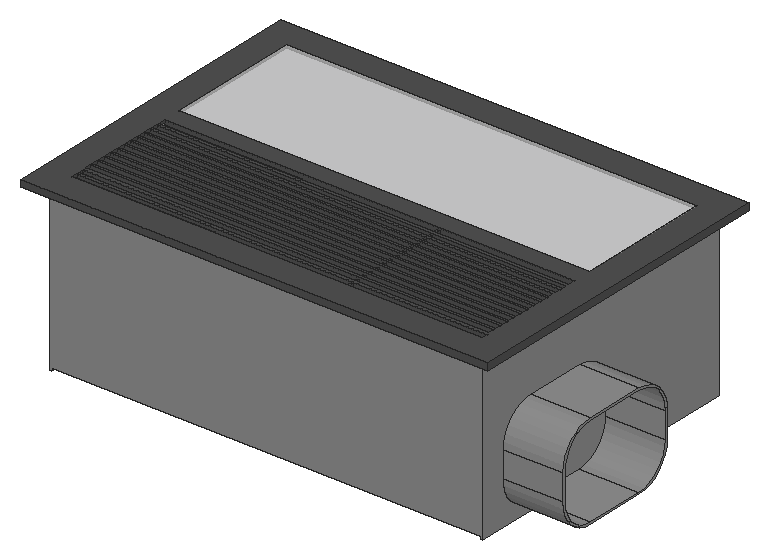
Revit family "Reece_Accessory_Kado_Lux_3 in 1 Heater, Exhaust Fan and LED", category Mechanical Equipment, host Face, Revit 2018
Family settings
  Host = Face
  Round Connector Dimension = Use Diameter
  Classification = None
  Part Type = Normal
  Cut with Voids When Loaded = No
  Shared = Yes
  Room Calculation Point = Yes
Parameters (values of type "540 mm x 198 mm_Matte Black")
  URL = "https://www.reece.com.au/product/-2053939"
  Type Comments = "Accessory"
  Reece_Product_Web Page = "https://www.reece.com.au/product/-2053939"
  Reece_Product_Type = "Accessory"  # constant formula
  Reece_Product_Sub Brand = "Lux"  # constant formula
  Reece_Product_Number = "2053939"
  Reece_Product_Mount = "Ceiling Mounted"
  Reece_Product_Description = "Kado Lux 3 in 1 Fan Heater (LED) Matte Black"
  Reece_Product_Brand = "Kado"  # constant formula
  Reece_Overall_Width = 540 mm  # constant formula
  Reece_Overall_Length = 376 mm  # constant formula
  Reece_Mechanical_Max Airflow = 380 m³/h  # constant formula
  Reece_Mechanical_Duct_Diameter = 150 mm  # constant formula
  Reece_Material_Secondary = Reece_Metal_Galvanised
  Reece_Material_Colour = Reece_Plastic_Frosted
  Reece_Material_Base = Reece_Plastic_White
  Reece_Material-Main = Reece_Plastic_Black
  Reece_Installation_Minimum Depth = 192 mm  # constant formula
  Reece_Equipment_Weight = 7.60 kg  # constant formula
  Reece_Electrical_Voltage_Min = 220 V  # constant formula
  Reece_Electrical_Voltage_Max = 240 V  # constant formula
  Reece_Electrical_Voltage = 240 V  # constant formula
  Reece_Electrical_LED Light_Wattage = 20 W  # constant formula
  Reece_Electrical_IP Rating = "IPX2"  # constant formula
  Reece_Electrical_Heat_Wattage_Min = 1100 W  # constant formula
  Reece_Electrical_Heat_Wattage_Max = 2000 W  # constant formula
  Reece_Electrical_Heat_Wattage = 2000 W  # constant formula
  Reece_Electrical_Heat_Fan Power_Wattage = 40 W  # constant formula
  Reece_Electrical_Frequency = 50 Hz  # constant formula
  Reece_Electrical_Fan Power_Wattage = 55 W  # constant formula
  Reece_Detail_Note = "Electrical input required. Refer to web page for further details."  # constant formula
  Reece_Detail_Installation = "3 in 1 Heater, Exhaust Fan and LED"  # constant formula
  Reece_Detail_Disclaimer = "THIS FILE IS THE PROPERTY OF THE REECE GROUP. IT MAY NOT BE REPRODUCED, REVERSE-ENGINEERED OR MODIFIED. ANY REPUBLICATION, TRANSMISSION OR DISTRIBUTION FOR THE PURPOSE OF COMMERCIALLY EXPLOITING THE FILES IS PROHIBITED."  # constant formula
  Reece_Detail_Connector = "Hardwired"  # constant formula
  Reece_Ceiling_Cutout_Width = 528 mm  # constant formula
  Reece_Ceiling_Cutout_Length = 345 mm  # constant formula
  Model = "Lux"
  Manufacturer = "Kado"
  Keynote = "Product #2053939, Reece_Accessory_Kado_Lux_3 in 1 Heater, Exhaust Fan and LED - 540 mm x 198 mm_Matte Black"
  Disclaimer = "THIS FILE IS THE PROPERTY OF THE REECE GROUP. IT MAY NOT BE REPRODUCED, REVERSE-ENGINEERED OR MODIFIED. ANY REPUBLICATION, TRANSMISSION OR DISTRIBUTION FOR THE PURPOSE OF COMMERCIALLY EXPLOITING THE FILES IS PROHIBITED."  # constant formula
  Description = "Kado Lux 3 in 1 Fan Heater (LED) Matte Black"
  Default Elevation = 0 mm
Types (3, lengths in mm): name | URL | Reece_Product_Web Page | Reece_Product_Number | Reece_Product_Description | Reece_Material-Main | Keynote | Description
  (no name) | "https://www.reece.com.au/product/-2053939" | "https://www.reece.com.au/product/-2053939" | "2053939" | "Kado Lux 3 in 1 Fan Heater (LED) Matte Black" | Reece_Plastic_Black | "Product #2053939, Reece_Accessory_Kado_Lux_3 in 1 Heater, Exhaust Fan and LED -  " | "Kado Lux 3 in 1 Fan Heater (LED) Matte Black"
  540 mm x 198 mm_Matte Black | "https://www.reece.com.au/product/-2053939" | "https://www.reece.com.au/product/-2053939" | "2053939" | "Kado Lux 3 in 1 Fan Heater (LED) Matte Black" | Reece_Plastic_Black | "Product #2053939, Reece_Accessory_Kado_Lux_3 in 1 Heater, Exhaust Fan and LED - 540 mm x 198 mm_Matte Black" | "Kado Lux 3 in 1 Fan Heater (LED) Matte Black"
  540 mm x 198 mm_Matte White | "https://www.reece.com.au/product/-2053938" | "https://www.reece.com.au/product/-2053938" | "2053938" | "Kado Lux 3 in 1 Fan Heater (LED) White" | Reece_Plastic_White | "Product #2053938, Reece_Accessory_Kado_Lux_3 in 1 Heater, Exhaust Fan and LED - 540 mm x 198 mm_Matte White" | "Kado Lux 3 in 1 Fan Heater (LED) White"
Reference planes
  plane 1 "Center (Front/Back)": y = -71.125
  plane 2 "Ceiling": z = 0
  plane 3 "Center (Left/Right)": x = -5
  plane 4: y = 116.875
  plane 5: x = 265
  plane 6: x = -275
  plane 7: y = -259.125
  plane 8: z = -192
  plane 9 "Light Source": z = 8
  plane 10: z = -190
  plane 11: y = 101.375
  plane 12: y = -243.625
  plane 13: x = 259
  plane 14: x = -269
Forms (mm)
  Sweep 1, solid, material "Reece_Plastic_Black" <- "Reece_Material-Main"
    path origin (0, 0, 8) x (1, 0, 0) y (0, 1, 0)
      loop
        line (-275, 116.875) -> (-275, -259.125) -> (265, -259.125) -> (265, 116.875) -> (-275, 116.875)
    profile origin (-275, -71.125, 8) x (1, 0, 0) y (0, 0, 1)
      loop
        line (0, -8) -> (3, -8) -> (3, -3) -> (33, -3) -> (33, 0) -> (0, 0) -> (0, -8)
  Extrusion 2, void
    sketch origin (0, 0, 0) x (1, 0, 0) y (0, 1, 0)
      loop
        line (-269, 101.375) -> (-269, -243.625) -> (259, -243.625) -> (259, 101.375) -> (-269, 101.375)
    from 0 to -192
  Extrusion 3, solid, material "Reece_Plastic_Black" <- "Reece_Material-Main"
    sketch origin (-5, 0.442, 8) x (0, 1, 0) y (0, 0, 1)
      loop
        line (-71.567, 0) -> (-92.567, 0) -> (-92.567, -8) -> (-71.567, -8) -> (-71.567, 0)
    from 237 to -237
  Extrusion 4, solid, material "Reece_Plastic_Black" <- "Reece_Material-Main"
    sketch origin (-5, -29.567, 8) x (0, 1, 0) y (0, 0, 1)
      loop
        line (-71.125, 0) -> (-73.625, 0) -> (-73.625, -8) -> (-71.125, -8) -> (-71.125, 0)
    from 237 to -237
  Extrusion 5, solid, material "Reece_Plastic_Black" <- "Reece_Material-Main"
    sketch origin (-5, -144.928, 8) x (0, 1, 0) y (0, 0, 1)
      loop
        line (-71.125, 0) -> (-73.625, 0) -> (-73.625, -8) -> (-71.125, -8) -> (-71.125, 0)
    from 237 to -237
  Extrusion 6, solid, material "Reece_Plastic_Black" <- "Reece_Material-Main"
    sketch origin (-5, -39.18, 8) x (0, 1, 0) y (0, 0, 1)
      loop
        line (-71.125, 0) -> (-73.625, 0) -> (-73.625, -8) -> (-71.125, -8) -> (-71.125, 0)
    from 237 to -237
  Extrusion 7, solid, material "Reece_Plastic_Black" <- "Reece_Material-Main"
    sketch origin (-5, -48.794, 8) x (0, 1, 0) y (0, 0, 1)
      loop
        line (-71.125, 0) -> (-73.625, 0) -> (-73.625, -8) -> (-71.125, -8) -> (-71.125, 0)
    from 237 to -237
  Extrusion 8, solid, material "Reece_Plastic_Black" <- "Reece_Material-Main"
    sketch origin (-5, -58.407, 8) x (0, 1, 0) y (0, 0, 1)
      loop
        line (-71.125, 0) -> (-73.625, 0) -> (-73.625, -8) -> (-71.125, -8) -> (-71.125, 0)
    from 237 to -237
  Extrusion 9, solid, material "Reece_Plastic_Black" <- "Reece_Material-Main"
    sketch origin (-5, -68.021, 8) x (0, 1, 0) y (0, 0, 1)
      loop
        line (-71.125, 0) -> (-73.625, 0) -> (-73.625, -8) -> (-71.125, -8) -> (-71.125, 0)
    from 237 to -237
  Extrusion 10, solid, material "Reece_Plastic_Black" <- "Reece_Material-Main"
    sketch origin (-5, -77.634, 8) x (0, 1, 0) y (0, 0, 1)
      loop
        line (-71.125, 0) -> (-73.625, 0) -> (-73.625, -8) -> (-71.125, -8) -> (-71.125, 0)
    from 237 to -237
  Extrusion 11, solid, material "Reece_Plastic_Black" <- "Reece_Material-Main"
    sketch origin (-5, -87.247, 8) x (0, 1, 0) y (0, 0, 1)
      loop
        line (-71.125, 0) -> (-73.625, 0) -> (-73.625, -8) -> (-71.125, -8) -> (-71.125, 0)
    from 237 to -237
  Extrusion 12, solid, material "Reece_Plastic_Black" <- "Reece_Material-Main"
    sketch origin (-5, -96.861, 8) x (0, 1, 0) y (0, 0, 1)
      loop
        line (-71.125, 0) -> (-73.625, 0) -> (-73.625, -8) -> (-71.125, -8) -> (-71.125, 0)
    from 237 to -237
  Extrusion 13, solid, material "Reece_Plastic_Black" <- "Reece_Material-Main"
    sketch origin (-5, -106.474, 8) x (0, 1, 0) y (0, 0, 1)
      loop
        line (-71.125, 0) -> (-73.625, 0) -> (-73.625, -8) -> (-71.125, -8) -> (-71.125, 0)
    from 237 to -237
  Extrusion 14, solid, material "Reece_Plastic_Black" <- "Reece_Material-Main"
    sketch origin (-5, -116.088, 8) x (0, 1, 0) y (0, 0, 1)
      loop
        line (-71.125, 0) -> (-73.625, 0) -> (-73.625, -8) -> (-71.125, -8) -> (-71.125, 0)
    from 237 to -237
  Extrusion 15, solid, material "Reece_Plastic_Black" <- "Reece_Material-Main"
    sketch origin (-5, -125.701, 8) x (0, 1, 0) y (0, 0, 1)
      loop
        line (-71.125, 0) -> (-73.625, 0) -> (-73.625, -8) -> (-71.125, -8) -> (-71.125, 0)
    from 237 to -237
  Extrusion 16, solid, material "Reece_Plastic_Black" <- "Reece_Material-Main"
    sketch origin (-5, -135.315, 8) x (0, 1, 0) y (0, 0, 1)
      loop
        line (-71.125, 0) -> (-73.625, 0) -> (-73.625, -8) -> (-71.125, -8) -> (-71.125, 0)
    from 237 to -237
  Extrusion 17, solid, material "Reece_Plastic_Frosted" <- "Reece_Material_Colour"
    sketch origin (0, 0, 0) x (1, 0, 0) y (0, 1, 0)
      loop
        line (-242, 83.875) -> (-242, -71.125) -> (232, -71.125) -> (232, 83.875) -> (-242, 83.875)
    from 5 to 8
  Extrusion 18, solid, material "Reece_Plastic_White" <- "Reece_Material_Base"
    sketch origin (0, 0, 0) x (1, 0, 0) y (0, 1, 0)
      loop
        line (-244, 85.875) -> (-244, -73.125) -> (234, -73.125) -> (234, 85.875) -> (-244, 85.875)
    from 0 to 5
  Extrusion 19, solid, material "Reece_Plastic_Black" <- "Reece_Material-Main"
    sketch origin (-0.5, 0, 0) x (1, 0, 0) y (0, 1, 0)
      loop
        line (76.5, -92.125) -> (73.5, -92.125) -> (73.5, -226.125) -> (76.5, -226.125) -> (76.5, -92.125)
    from 0 to 5
  Extrusion 20, solid, material "Reece_Plastic_Black" <- "Reece_Material-Main"
    sketch origin (0, 0, 0) x (1, 0, 0) y (0, 1, 0)
      loop
        line (-242, -92.125) -> (-242, -226.125) -> (-83, -226.125) -> (-83, -92.125) -> (-242, -92.125)
      loop
        line (-233, -216.053) -> (-167, -216.053) -> (-167, -122.418) -> (-233, -122.418) -> (-233, -216.053)
      loop
        line (-98, -122.418) -> (-164, -122.418) -> (-164, -216.053) -> (-98, -216.053) -> (-98, -122.418)
    from 0 to 3
Cuts and joins
  joined: Sweep 1, Extrusion 3, Extrusion 4, Extrusion 5, Extrusion 6, Extrusion 7, Extrusion 8, Extrusion 9, Extrusion 10, Extrusion 11, Extrusion 12, Extrusion 13, Extrusion 14, Extrusion 15, Extrusion 16, Extrusion 19, Extrusion 20
Text (mm)
  text "Reece Copyright © 2018, Reece Ltd." at (428.624, -466.152, 0), in view "Ref. Level"
  text "Reece ©" at (78.306, 240.076, 139.55), in view "Reece Preview"
Dimensions and locks
  equal spacing: plane 6, plane 3 "Center (Left/Right)", plane 5
  equal spacing: plane 4, plane 1 "Center (Front/Back)", plane 7
  "Reece_Overall_Width": plane 6 to plane 5
  "Reece_Overall_Length": plane 4 to plane 7
  "Reece_Installation_Minimum Depth": plane 2 "Ceiling" to plane 8
  plane 9 "Light Source" to plane 2 "Ceiling" = 8 mm
  locked: plane 9 "Light Source" to plane 10 at 198
  plane 2 "Ceiling" to plane 9 "Light Source" = 8 mm
  plane 4 to plane 7 = 376 mm
  equal spacing: plane 14, plane 3 "Center (Left/Right)", plane 13
  plane 14 to plane 13 = 528 mm
  equal spacing: plane 12, plane 1 "Center (Front/Back)", plane 11
  plane 11 to plane 12 = 345 mm
  aligned and locked: plane 2 "Ceiling" to host face
  aligned and locked: level to host face
  aligned and locked: plane 6 to Sweep 1 sketch curve
  aligned and locked: Sweep 1 sketch curve to plane 4
  aligned and locked: Sweep 1 sketch curve to plane 5
  aligned and locked: Sweep 1 sketch curve to plane 7
  aligned and locked: Extrusion 2 to plane 8
Automatic sketch dimensions
  host sketch curve to host sketch curve = 696.216 mm
  host sketch curve to host sketch curve = 618.927 mm
  profile plane to Sweep 1 sketch curve = 0 mm
  Sweep 1 sketch curve to profile plane = 0 mm
  Sweep 1 sketch curve to profile plane = 3 mm  (x2)
  Sweep 1 sketch curve to Sweep 1 sketch curve = 30 mm
  Sweep 1 sketch curve to Sweep 1 sketch curve = 5 mm
  level to Extrusion 3 sketch curve = 8 mm
  plane 1 "Center (Front/Back)" to Extrusion 3 sketch curve = 21 mm
  Extrusion 3 sketch curve to plane 1 "Center (Front/Back)" = 0 mm
  Extrusion 3 sketch curve to level = 0 mm
  Extrusion 4 sketch curve to Extrusion 4 sketch curve = 2.5 mm
  Extrusion 4 sketch curve to Extrusion 4 sketch curve = 8 mm
  Extrusion 5 sketch curve to Extrusion 5 sketch curve = 2.5 mm
  Extrusion 5 sketch curve to Extrusion 5 sketch curve = 8 mm
  Extrusion 6 sketch curve to Extrusion 6 sketch curve = 2.5 mm
  Extrusion 6 sketch curve to Extrusion 6 sketch curve = 8 mm
  Extrusion 7 sketch curve to Extrusion 7 sketch curve = 2.5 mm
  Extrusion 7 sketch curve to Extrusion 7 sketch curve = 8 mm
  Extrusion 8 sketch curve to Extrusion 8 sketch curve = 2.5 mm
  Extrusion 8 sketch curve to Extrusion 8 sketch curve = 8 mm
  Extrusion 9 sketch curve to Extrusion 9 sketch curve = 2.5 mm
  Extrusion 9 sketch curve to Extrusion 9 sketch curve = 8 mm
  Extrusion 10 sketch curve to Extrusion 10 sketch curve = 2.5 mm
  Extrusion 10 sketch curve to Extrusion 10 sketch curve = 8 mm
  Extrusion 11 sketch curve to Extrusion 11 sketch curve = 2.5 mm
  Extrusion 11 sketch curve to Extrusion 11 sketch curve = 8 mm
  Extrusion 12 sketch curve to Extrusion 12 sketch curve = 2.5 mm
  Extrusion 12 sketch curve to Extrusion 12 sketch curve = 8 mm
  Extrusion 13 sketch curve to Extrusion 13 sketch curve = 2.5 mm
  Extrusion 13 sketch curve to Extrusion 13 sketch curve = 8 mm
  Extrusion 14 sketch curve to Extrusion 14 sketch curve = 2.5 mm
  Extrusion 14 sketch curve to Extrusion 14 sketch curve = 8 mm
  Extrusion 15 sketch curve to Extrusion 15 sketch curve = 2.5 mm
  Extrusion 15 sketch curve to Extrusion 15 sketch curve = 8 mm
  Extrusion 16 sketch curve to Extrusion 16 sketch curve = 2.5 mm
  Extrusion 16 sketch curve to Extrusion 16 sketch curve = 8 mm
  level to Extrusion 4 sketch curve = 8 mm
  plane 1 "Center (Front/Back)" to Extrusion 4 sketch curve = 32.067 mm
  level to Extrusion 5 sketch curve = 8 mm
  Extrusion 5 sketch curve to plane 7 = 40.572 mm
  level to Extrusion 6 sketch curve = 8 mm
  plane 1 "Center (Front/Back)" to Extrusion 6 sketch curve = 41.68 mm
  level to Extrusion 7 sketch curve = 8 mm
  plane 1 "Center (Front/Back)" to Extrusion 7 sketch curve = 51.294 mm
  level to Extrusion 8 sketch curve = 8 mm
  plane 1 "Center (Front/Back)" to Extrusion 8 sketch curve = 60.907 mm
  level to Extrusion 9 sketch curve = 8 mm
  plane 1 "Center (Front/Back)" to Extrusion 9 sketch curve = 70.521 mm
  level to Extrusion 10 sketch curve = 8 mm
  plane 1 "Center (Front/Back)" to Extrusion 10 sketch curve = 80.134 mm
  level to Extrusion 11 sketch curve = 8 mm
  plane 1 "Center (Front/Back)" to Extrusion 11 sketch curve = 89.747 mm
  level to Extrusion 12 sketch curve = 8 mm
  Extrusion 12 sketch curve to plane 7 = 88.639 mm
  level to Extrusion 13 sketch curve = 8 mm
  Extrusion 13 sketch curve to plane 7 = 79.026 mm
  level to Extrusion 14 sketch curve = 8 mm
  Extrusion 14 sketch curve to plane 7 = 69.412 mm
  level to Extrusion 15 sketch curve = 8 mm
  Extrusion 15 sketch curve to plane 7 = 59.799 mm
  level to Extrusion 16 sketch curve = 8 mm
  Extrusion 16 sketch curve to plane 7 = 50.185 mm
  Extrusion 2 sketch curve to plane 7 = 15.5 mm
  Extrusion 2 sketch curve to plane 6 = 6 mm
  Extrusion 2 sketch curve to plane 5 = 6 mm
  Extrusion 2 sketch curve to plane 4 = 15.5 mm
  plane 1 "Center (Front/Back)" to Extrusion 17 sketch curve = 0 mm
  Extrusion 17 sketch curve to plane 14 = 27 mm
  Extrusion 17 sketch curve to plane 13 = 27 mm
  Extrusion 17 sketch curve to plane 11 = 17.5 mm
  plane 1 "Center (Front/Back)" to Extrusion 18 sketch curve = 2 mm
  Extrusion 18 sketch curve to plane 14 = 25 mm
  Extrusion 18 sketch curve to plane 13 = 25 mm
  Extrusion 18 sketch curve to plane 11 = 15.5 mm
  plane 1 "Center (Front/Back)" to Extrusion 19 sketch curve = 21 mm
  plane 3 "Center (Left/Right)" to Extrusion 19 sketch curve = 78 mm
  Extrusion 19 sketch curve to Extrusion 19 sketch curve = 3 mm
  Extrusion 19 sketch curve to plane 12 = 17.5 mm
  Extrusion 20 sketch curve to plane 14 = 27 mm
  Extrusion 20 sketch curve to Extrusion 20 sketch curve = 9 mm
  Extrusion 20 sketch curve to plane 3 "Center (Left/Right)" = 93 mm
  Extrusion 20 sketch curve to Extrusion 20 sketch curve = 15 mm
  Extrusion 20 sketch curve to plane 12 = 17.5 mm
  Extrusion 20 sketch curve to Extrusion 20 sketch curve = 10.072 mm
  plane 1 "Center (Front/Back)" to Extrusion 20 sketch curve = 51.294 mm
  plane 1 "Center (Front/Back)" to Extrusion 20 sketch curve = 21 mm
  Extrusion 20 sketch curve to Extrusion 20 sketch curve = 66 mm
  Extrusion 20 sketch curve to Extrusion 20 sketch curve = 3 mm
  Extrusion 20 sketch curve to Extrusion 20 sketch curve = 0 mm  (x2)
Nested families
  nested 1: "Reece_Accessory_Kado_Lux_Heater and Exhaust Fan" at (-7.5, 3, 0), Reece_Material_Secondary <- "Reece_Material_Secondary", type "Reece_Accessory_Kado_Lux_Heater and Exhaust Fan"
    with Reece_Material_Secondary Reece_Metal_Galvanised
  nested 2: "Reece_Accessory_Kado_Lux_Heater and Exhaust Fan_LED Panel" at (-5, 6.375, 8) x (0, 1, 0) z (0, 0, 1), Reece_Electrical_LED Light_Wattage <- "Reece_Electrical_LED Light_Wattage", type "Reece_Accessory_Kado_Lux_Heater and Exhaust Fan_LED Panel"
Connectors
  electrical at (-5.023, -71.125, -187), driven by "Reece_Electrical_Voltage"
    settings: on nested 1, index 3, voltage 240 V, apparent load 0 VA, apparent load phase1 0 VA, apparent load phase2 0 VA, apparent load phase3 0 VA, power factor 1, load classification "HVAC", number of poles 1, system type 30, power factor state 1, is connector primary yes, connector utility no, sub classification motor no, connector description ""
  hvac at (245, -138.125, -124.005), driven by "Reece_Mechanical_Max Airflow", driven by "Reece_Mechanical_Duct_Diameter"
    settings: on nested 1, index 4, duct flow 380 m³/h, flow factor 0, pres drop 0.0 Pa, loss coef 0, conn angle 0.00°, conn width 170 mm, conn height 120 mm, conn diameter 150 mm, duct sys type 3, conn prof type 0, flow config 1, flow direction 2, loss method 0, conn ref index -1, conn util no, is conn primary yes, conn desc ""
Definition of nested family "Reece_Accessory_Kado_Lux_Heater and Exhaust Fan"
  Parameters (values of type "Reece_Accessory_Kado_Lux_Heater and Exhaust Fan")
    URL = ""
    Type Comments = ""
    Reece_Material_Secondary [instance] = none
    Model = ""
    Manufacturer = ""
    Keynote = ""
    Description = ""
    Default Elevation = 0 mm
    Cost = 0
    Assembly Code = ""
  Reference planes
    plane 1 "Center (Front/Back)": y = -74.125
    plane 2: z = 0
    plane 3 "Center (Left/Right)": x = 2.5
    plane 4: y = 95.875
    plane 5: x = 252.5
    plane 6: x = -247.5
    plane 7: y = -244.125
    plane 8: x = 272.5
    plane 9: x = -267.5
    plane 10: y = 113.875
    plane 11: y = -262.125
    plane 12: z = -192
    plane 13: y = -219.125
  Forms (mm)
    Extrusion 1, solid, material <- "Reece_Material_Secondary"
      sketch origin (619.2, -619.2, 0) x (1, 0, 0) y (0, 1, 0)
        loop
          line (-961.127, 847.842) -> (-961.127, 228.915) -> (-264.911, 228.915) -> (-264.911, 847.842) -> (-961.127, 847.842)
      from 0 to -10
    Extrusion 2, solid, material <- "Reece_Material_Secondary"
      sketch origin (2.5, 0, 8) x (0, 1, 0) y (0, 0, 1)
        loop
          line (95.875, -8) -> (-244.125, -8) -> (-244.125, -198) -> (95.875, -198) -> (95.875, -8)
      from 250 to -250
    Extrusion 3, void
      sketch origin (0, -74.125, 8) x (1, 0, 0) y (0, 0, 1)
        loop
          line (248.681, -195) -> (-243.727, -195)
          arc (-243.727, -195) -> (-244.16, -195.135) -> (-244.441, -195.491) r 0.765
          line (-244.441, -195.491) -> (-245.404, -198) -> (250.404, -198) -> (249.458, -195.534)
          arc (249.458, -195.534) -> (249.152, -195.146) -> (248.681, -195) r 0.832
      from 170 to -170
    Extrusion 4, void
      sketch origin (5, 0, 0) x (-1, 0, 0) y (0, -1, 0)
        loop
          line (95.5, 107.125) -> (230.5, 107.125) -> (230.5, 219.125) -> (95.5, 219.125) -> (95.5, 107.125)
        loop
          line (80.5, 94.125) -> (80.5, 234.125) -> (-237.5, 234.125) -> (-237.5, 94.125) -> (80.5, 94.125)
        loop
          line (-237.5, 74.125) -> (-237.5, -85.875) -> (242.5, -85.875) -> (242.5, 74.125) -> (-237.5, 74.125)
      from 0 to -160
    Revolve 5, solid, material <- "Reece_Material_Secondary"
      sketch origin (-91.756, -59.57, -190.111) x (0, 0, 1) y (-1, 0, 0)
        loop
          line (4.124, -163.984) -> (4.124, -161.548) -> (1.732, -161.548)
          arc (1.732, -161.548) -> (0.534, -162.745) -> (1.732, -163.943) r 1.198
          line (1.732, -163.943) -> (1.732, -164.771)
          arc (1.732, -164.771) -> (0.586, -165.246) -> (0.111, -166.392) r 1.621
          line (0.111, -166.392) -> (0.111, -181.139)
          arc (0.111, -181.139) -> (0.701, -182.562) -> (2.124, -183.152) r 2.013
          line (2.124, -183.152) -> (4.124, -183.152) -> (4.124, -163.984)
        loop
          arc (3.122, -186.387) -> (2.244, -186.667) -> (1.689, -187.403) r 1.519
          arc (1.689, -187.403) -> (0.277, -193.623) -> (0.312, -200) r 27.945
          line (0.312, -200) -> (4.124, -200) -> (4.124, -186.387) -> (3.122, -186.387)
        axis (0.111, -200) -> (4.124, -200)
      angle from 0 to 360
    Revolve 6, solid, material <- "Reece_Material_Secondary"
      sketch origin (-309.206, -131.815, -190.259) x (0, 0, 1) y (-1, 0, 0)
        loop
          line (4.419, -163.984) -> (4.419, -161.548) -> (1.88, -161.548)
          arc (1.88, -161.548) -> (0.682, -162.745) -> (1.88, -163.943) r 1.198
          line (1.88, -163.943) -> (1.88, -164.771)
          arc (1.88, -164.771) -> (0.734, -165.246) -> (0.259, -166.392) r 1.621
          line (0.259, -166.392) -> (0.259, -181.139)
          arc (0.259, -181.139) -> (0.848, -182.562) -> (2.271, -183.152) r 2.013
          line (2.271, -183.152) -> (4.419, -183.152) -> (4.419, -163.984)
        loop
          arc (3.27, -186.387) -> (2.391, -186.667) -> (1.836, -187.403) r 1.519
          arc (1.836, -187.403) -> (0.424, -193.623) -> (0.459, -200) r 27.945
          line (0.459, -200) -> (4.419, -200) -> (4.419, -186.387) -> (3.27, -186.387)
        axis (0.259, -200) -> (4.419, -200)
      angle from 0 to 360
    Sweep 7, solid, material <- "Reece_Material_Secondary"
      path origin (252.5, -126.089, -25.975) x (0, 1, 0) y (0, 0, 1)
        loop
          arc (-50.036, -43.03) -> (-78.32, -54.745) -> (-90.036, -83.03) r 40
          line (-90.036, -83.03) -> (-90.036, -113.03)
          arc (-90.036, -113.03) -> (-78.32, -141.314) -> (-50.036, -153.03) r 40
          line (-50.036, -153.03) -> (19.964, -153.03)
          arc (19.964, -153.03) -> (48.249, -141.314) -> (59.964, -113.03) r 40
          line (59.964, -113.03) -> (59.964, -83.03)
          arc (59.964, -83.03) -> (48.249, -54.745) -> (19.964, -43.03) r 40
          line (19.964, -43.03) -> (-50.036, -43.03)
      profile origin (252.5, -141.125, -69.005) x (0, 0, 1) y (1, 0, 0)
        loop
          line (0, 0) -> (0, 70) -> (-2, 70) -> (-2, 0) -> (0, 0)
  Cuts and joins
    Extrusion 3, Extrusion 4 cuts Extrusion 2
    joined: Extrusion 2, Revolve 5, Revolve 6
  Text (mm)
    text "Reece Copyright © 2018, Reece Ltd." at (-1108.834, -679.227, 0), in view "Ref. Level"
    text "Reece ©" at (78.306, 240.076, 139.55), in view "Reece Preview"
  Dimensions and locks
    equal spacing: plane 6, plane 3 "Center (Left/Right)", plane 5
    plane 9 to plane 6 to plane 5 to plane 8 = 20 mm, 500 mm, 20 mm
    plane 10 to plane 4 to plane 7 to plane 11 = 18 mm, 340 mm, 18 mm
    equal spacing: plane 4, plane 1 "Center (Front/Back)", plane 7
    plane 6 to plane 5 = 500 mm
    plane 7 to plane 4 = 340 mm
    plane 4 to plane 7 = 340 mm
    level to plane 12 = 192 mm
    plane 11 to plane 10 = 376 mm
    plane 9 to plane 8 = 540 mm
    aligned and locked: plane 2 to Extrusion 1
    aligned and locked: level to Extrusion 1
  Automatic sketch dimensions
    Extrusion 1 sketch curve to Extrusion 1 sketch curve = 696.216 mm
    Extrusion 1 sketch curve to Extrusion 1 sketch curve = 618.927 mm
    Extrusion 2 sketch curve to plane 7 = 0 mm
    Extrusion 2 sketch curve to plane 4 = 0 mm
    Extrusion 3 sketch curve to plane 6 = 2.096 mm
    Extrusion 3 sketch curve to Extrusion 3 sketch curve = 0.963 mm
    Extrusion 3 sketch curve to Extrusion 3 sketch curve = 0.715 mm
    Extrusion 3 sketch curve to plane 5 = 3.819 mm
    Extrusion 3 sketch curve to Extrusion 3 sketch curve = 0.777 mm
    Extrusion 3 sketch curve to plane 5 = 2.096 mm
    Extrusion 3 sketch curve to Extrusion 3 sketch curve = 0.298 mm
    Revolve 5 sketch curve to Revolve 5 sketch curve = 2 mm
    Revolve 5 sketch curve to Revolve 5 sketch curve = 1.002 mm
    Revolve 5 sketch curve to Revolve 5 sketch curve = 23.933 mm
    plane 3 "Center (Left/Right)" to Revolve 5 sketch curve = 105.744 mm
    Revolve 5 sketch curve to Revolve 5 sketch curve = 3.341 mm  (x2)
    Revolve 5 sketch curve to Revolve 5 sketch curve = 12.093 mm
    Revolve 5 sketch curve to Revolve 5 sketch curve = 1.519 mm
    Revolve 5 sketch curve to Revolve 5 sketch curve = 3.235 mm
    Revolve 5 sketch curve to Revolve 5 sketch curve = 14.747 mm
    Revolve 5 sketch curve to Revolve 5 sketch curve = 0.787 mm
    Revolve 5 sketch curve to Revolve 5 sketch curve = 0.828 mm
    Revolve 5 sketch curve to Revolve 5 sketch curve = 1.198 mm
    Revolve 5 sketch curve to Revolve 5 sketch curve = 2.043 mm
    Revolve 6 sketch curve to Revolve 6 sketch curve = 2.148 mm
    Revolve 6 sketch curve to Revolve 6 sketch curve = 1.149 mm
    Revolve 6 sketch curve to Revolve 6 sketch curve = 23.785 mm
    Revolve 6 sketch curve to plane 3 "Center (Left/Right)" = 111.706 mm
    Revolve 6 sketch curve to Revolve 6 sketch curve = 3.341 mm  (x2)
    Revolve 6 sketch curve to Revolve 6 sketch curve = 12.093 mm
    Revolve 6 sketch curve to Revolve 6 sketch curve = 1.519 mm
    Revolve 6 sketch curve to Revolve 6 sketch curve = 3.235 mm
    Revolve 6 sketch curve to Revolve 6 sketch curve = 14.747 mm
    Revolve 6 sketch curve to Revolve 6 sketch curve = 0.787 mm
    Revolve 6 sketch curve to Revolve 6 sketch curve = 0.828 mm
    Revolve 6 sketch curve to Revolve 6 sketch curve = 1.198 mm
    Revolve 6 sketch curve to Revolve 6 sketch curve = 1.896 mm
    Extrusion 2 sketch curve to level = 0 mm
    plane 1 "Center (Front/Back)" to Extrusion 4 sketch curve = 0 mm
    plane 5 to Extrusion 4 sketch curve = 10 mm  (x2)
    Extrusion 4 sketch curve to plane 1 "Center (Front/Back)" = 20 mm
    plane 3 "Center (Left/Right)" to Extrusion 4 sketch curve = 78 mm
    Extrusion 4 sketch curve to Extrusion 4 sketch curve = 15 mm
    plane 6 to Extrusion 4 sketch curve = 22 mm
    plane 6 to Extrusion 4 sketch curve = 10 mm
    Extrusion 4 sketch curve to plane 1 "Center (Front/Back)" = 33 mm
    plane 7 to Extrusion 4 sketch curve = 25 mm
    plane 7 to Extrusion 4 sketch curve = 10 mm
    plane 4 to Extrusion 4 sketch curve = 10 mm
    Sweep 7 sketch curve to Extrusion 2 = 28 mm
    Sweep 7 sketch curve to Sweep 7 sketch curve = 40 mm
    Sweep 7 sketch curve to Sweep 7 sketch curve = 0 mm  (x2)
    Sweep 7 sketch curve to Sweep 7 sketch curve = 70 mm  (x2)
    Sweep 7 sketch curve to Extrusion 2 = 162 mm
    Sweep 7 sketch curve to Extrusion 2 = 10.995 mm
    Sweep 7 sketch curve to Sweep 7 sketch curve = 30 mm
    Sweep 7 sketch curve to profile plane = 0 mm  (x2)
    profile plane to Sweep 7 sketch curve = 2 mm
    Extrusion 3 sketch curve to level = 190 mm
    Extrusion 3 sketch curve to Extrusion 3 sketch curve = 2.168 mm
    Extrusion 3 sketch curve to Extrusion 3 sketch curve = 0.765 mm
    plane 3 "Center (Left/Right)" to Revolve 5 sketch curve = 86.883 mm
    Revolve 5 sketch curve to level = 190 mm
    Revolve 5 sketch curve to Revolve 5 sketch curve = 1.812 mm
    Revolve 5 sketch curve to Revolve 5 sketch curve = 1.621 mm
    Revolve 5 sketch curve to Revolve 5 sketch curve = 0.998 mm
    Revolve 5 sketch curve to Revolve 5 sketch curve = 20.212 mm
    Revolve 6 sketch curve to plane 6 = 119.433 mm
    Revolve 6 sketch curve to level = 190 mm
    Revolve 6 sketch curve to Revolve 6 sketch curve = 1.812 mm
    Revolve 6 sketch curve to Revolve 6 sketch curve = 1.621 mm
    Revolve 6 sketch curve to Revolve 6 sketch curve = 0.998 mm
    Revolve 6 sketch curve to Revolve 6 sketch curve = 20.359 mm
    plane 12 to Extrusion 2 sketch curve = 2 mm
Definition of nested family "Reece_Accessory_Kado_Lux_Heater and Exhaust Fan_LED Panel"
  Parameters (values of type "Reece_Accessory_Kado_Lux_Heater and Exhaust Fan_LED Panel")
    Wattage = 10.0982 W
    built-in parameter 1150110 = 1 (stored number, unit not read)
    built-in parameter 1114217 = 1 (stored number, unit not read)
    Tilt Angle = 90.00°
    built-in parameter 1150109 = 1 (stored number, unit not read)
    built-in parameter 1150134 = 12
    built-in parameter 1150113 = 1 (stored number, unit not read)
    Reece_Electrical_LED Light_Wattage [instance] = 20 W
    Photometric Web File = "generic"
    built-in parameter 1150142 = (empty or 0)
    built-in parameter 1150105 = 119.37 (stored number, unit not read)
    Lumens = 1500 lm
    built-in parameter 1150115 = 1 (stored number, unit not read)
    built-in parameter 1150137 = (empty or 0)
    built-in parameter 1150139 = (empty or 0)
    built-in parameter 1150112 = 1 (stored number, unit not read)
    built-in parameter 1150114 = 1 (stored number, unit not read)
    built-in parameter 1150132 = 2
    built-in parameter 1150102 = (empty or 0)
    built-in parameter 1150107 = 4000 (stored number, unit not read)
    built-in parameter 1150138 = (empty or 0)
    built-in parameter 1150106 = 1.1937 (stored number, unit not read)
    Emit from Rectangle Width = 155 mm
    Emit from Rectangle Length = 474 mm
    Emit Shape Visible in Rendering = no
    built-in parameter 1150104 = 13.8 (stored number, unit not read)
    Dimming Lamp Color Temperature Shift = (empty or 0)
    Default Elevation = 1219.2 mm
    Color Filter = 16777215
    built-in parameter 1114218 = 1 (stored number, unit not read)
    built-in parameter 1150133 = 10 (stored number, unit not read)
    Apparent Load = 0 VA
  Reference planes
    plane 1 "Light Source Axis (F/B)": y = 0
    plane 2: z = 0
    plane 3 "Light Source Axis (L/R)": x = 0
    plane 4: z = 3
    plane 5: x = -77.5
    plane 6: x = 77.5
    plane 7: y = 237
    plane 8: y = -237
  Forms (mm)
    Extrusion 1, solid, not visible
      sketch origin (0, 0, 0) x (1, 0, 0) y (0, 1, 0)
        loop
          line (-77.5, 237) -> (-77.5, -237) -> (77.5, -237) -> (77.5, 237) -> (-77.5, 237)
      from 0 to 3
  Dimensions and locks
    "Emit from Rectangle Width": plane 5 to plane 6
    equal spacing: plane 5, plane 3 "Light Source Axis (L/R)", plane 6
    equal spacing: plane 8, plane 1 "Light Source Axis (F/B)", plane 7
    "Emit from Rectangle Length": plane 8 to plane 7
    aligned and locked: plane 2 to level
  Automatic sketch dimensions
    plane 8 to Extrusion 1 sketch curve = 0 mm
    Extrusion 1 sketch curve to plane 6 = 0 mm
    plane 7 to Extrusion 1 sketch curve = 0 mm
    Extrusion 1 sketch curve to plane 5 = 0 mm
